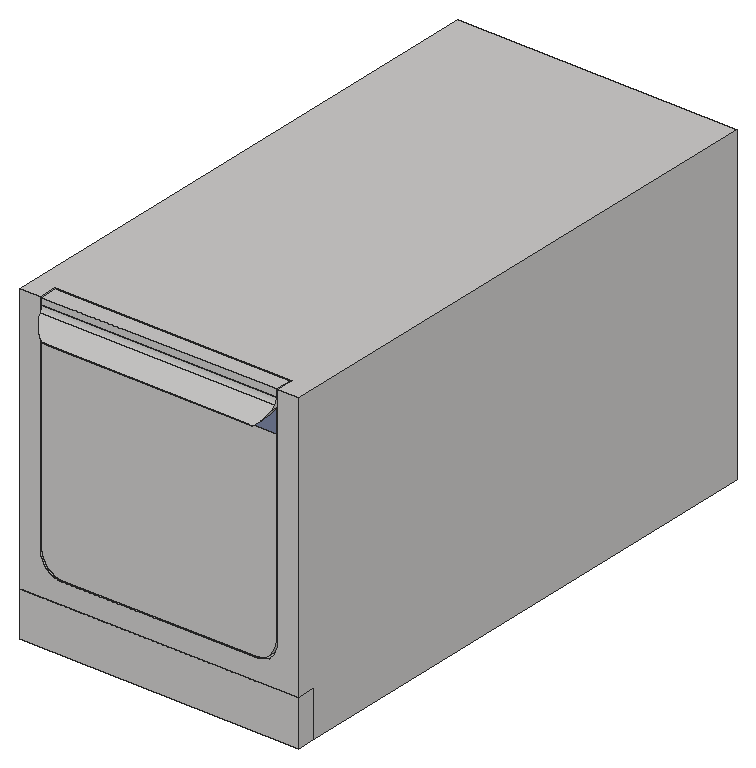
Revit family "QF_ELECTROLUXPROFESSIONAL_588580_MB1DCADOOO", category Specialty Equipment, Revit 2023
Family settings
  Round Connector Dimension = Use Diameter
  Part Type = Normal
  Work Plane-Based = No
  Enable Cutting in Views = No
  Always vertical = Yes
  Cut with Voids When Loaded = No
  Maintain Annotation Orientation = No
  Shared = No
  Room Calculation Point = No
Parameters (values of type "Standard")
  Weight = 21.00 kg
  Watts = 0 W
  Volts = 0 V
  URL Manufacturer = "http://www.electroluxprofessional.com"
  URL = "http://www.electroluxprofessional.com"
  Steam Supply Size = 0"
  Steam Supply Minimum Pressure = 0.00 psi
  Steam Supply Maximum Pressure = 0.00 psi
  Steam Consumption per Hour = 0
  Refrigeration Suction Line Size = 0 mm
  Refrigeration Liquid Line Size = 0 mm
  Refrigerant Compressor Remote = yes
  Default Elevation = 0 mm
  Phase = 0
  Model = "MB1DCADOOO"
  Manufacturer = "Electrolux Professional"
  Length Actual = 400 mm
  Item Number = "588580"
  Hot Water Size = 0"
  Height Actual = 450 mm
  HP = "0 HP"
  Gas Size = 0"
  Gas KW = 0
  Gas Input Pressure = 0.0 Btu/h
  Direct Waste Size = 0"
  Description = "CUPBOARD BASE,H2,GN,1D,1S,400X850X450H"
  Depth Actual = 850 mm
  Cycle = 0 Hz
  Condensate Return Size = 0"
  Compressed Air Volume = 0 GPM
  Compressed Air Size = 0"
  Compressed Air Pressure = 0.00 psi
  Cold Water Size = 0"
  Accessory = no
Reference planes
  plane 1 "BACK": y = 0
  plane 2: z = 0
  plane 3 "LEFT": x = 0
  plane 4 "RIGHT": x = 400
  plane 5 "FRONT": y = -850
  plane 6 "PLAIN": z = 900
  plane 7 "Center (Left/Right)": x = 200
  plane 8 "Center (Front/Back)": y = -425
  plane 9 "TOP": z = 650
  plane 10 "BASE": z = 200
  plane 11: x = 322
  plane 12: x = 78
  plane 13 "Feet_back": y = -150
  plane 14 "Feet_Front": y = -720
  plane 15: x = 0
  plane 16: x = 400
  plane 17: z = 265
  plane 18: y = -45
  plane 19: y = -805
  plane 20: y = -70
  plane 21: y = -830
  plane 22 "ButtonZ": z = 590
Forms (mm)
  Extrusion 1, solid, material "QF_Finishes_Stainless Steel"
    sketch origin (0, 0, 650) x (0, 1, 0) y (0, 0, 1)
      loop
        line (-45, -450) -> (-45, 0) -> (-805, 0) -> (-805, -450) -> (-45, -450)
    from 0 to 400
  Extrusion 2, solid, material "QF_Finishes_Stainless Steel"
    sketch origin (0, 0, 650) x (0, 1, 0) y (0, 0, 1)
      loop
        line (-830, -450) -> (-805, -450) -> (-805, -385) -> (-830, -385) -> (-830, -450)
    from 0 to 400
  Extrusion 3, void
    sketch origin (0, -850, 0) x (1, 0, 0) y (0, 0, 1)
      loop
        line (0, 650) -> (0, 265) -> (400, 265) -> (400, 650) -> (0, 650)
    from 0 to -780
  Extrusion 4, solid, material "QF_Finishes_Stainless Steel"
    sketch origin (0, -850, 0) x (1, 0, 0) y (0, 0, 1)
      loop
        line (30, 650) -> (30, 627) -> (370, 627) -> (370, 650) -> (30, 650)
    from -45 to -805
  Extrusion 5, solid, material "QF_Finishes_Stainless Steel"
    sketch origin (0, -850, 0) x (1, 0, 0) y (0, 0, 1)
      loop
        line (0, 650) -> (0, 265) -> (400, 265) -> (400, 650) -> (370, 650) -> (370, 325)
        arc (370, 325) -> (361.213, 303.787) -> (340, 295) r 30
        line (340, 295) -> (60, 295)
        arc (60, 295) -> (38.787, 303.787) -> (30, 325) r 30
        line (30, 325) -> (30, 650) -> (0, 650)
    from -20 to -780
Cuts and joins
  Extrusion 3 cuts Extrusion 1
  joined: Extrusion 1, Extrusion 4, Extrusion 5
Lines and regions (mm)
  symbolic lines, style "SpecialityEquipmentHiddenLines"
    curve 1: line (0, 0, 0) -> (400, 0, 0)
    curve 2: line (0, -850, 0) -> (0, 0, 0)
    curve 3: line (400, -850, 0) -> (0, -850, 0)
    curve 4: line (400, 0, 0) -> (400, -850, 0)
Dimensions and locks
  plane 3 "LEFT" to plane 4 "RIGHT" = 400 mm
  plane 5 "FRONT" to plane 1 "BACK" = 850 mm
  equal spacing: plane 3 "LEFT", plane 7 "Center (Left/Right)", plane 4 "RIGHT"
  equal spacing: plane 5 "FRONT", plane 8 "Center (Front/Back)", plane 1 "BACK"
  plane 6 "PLAIN" to plane 9 "TOP" = 250 mm
  plane 10 "BASE" to level = 200 mm
  plane 9 "TOP" to plane 10 "BASE" = 450 mm
  locked: plane 1 "BACK" to plane 13 "Feet_back" at 150
  locked: plane 14 "Feet_Front" to plane 5 "FRONT" at 130
  locked: plane 12 to plane 3 "LEFT" at 78
  locked: plane 11 to plane 4 "RIGHT" at 78
  plane 16 to plane 15 = 400 mm
  equal spacing: plane 16, plane 7 "Center (Left/Right)", plane 15
  locked: plane 17 to plane 10 "BASE" at 65
  locked: plane 1 "BACK" to plane 18 at 45
  plane 9 "TOP" to Extrusion 4 sketch curve = 23 mm
  locked: Extrusion 4 sketch curve to plane 15 at 30
  locked: plane 16 to Extrusion 4 sketch curve at 30
  locked: Extrusion 5 sketch curve to plane 17 at 30
  plane 6 "PLAIN" to level = 900 mm
  Extrusion 5 to Extrusion 5 = 340 mm
  locked: plane 18 to plane 20 at 25
  locked: plane 21 to plane 5 "FRONT" at 20
  locked: plane 19 to plane 21 at 25
  plane 18 to plane 21 = 785 mm
  plane 22 "ButtonZ" to level = 590 mm
  aligned and locked: level to plane 2
  aligned and locked: Extrusion 1 to plane 4 "RIGHT"
  aligned and locked: Extrusion 1 to plane 3 "LEFT"
  aligned and locked: Extrusion 2 to plane 4 "RIGHT"
  aligned and locked: plane 9 "TOP" to Extrusion 3 sketch curve
  aligned and locked: Extrusion 3 sketch curve to plane 15
  aligned and locked: plane 16 to Extrusion 3 sketch curve
  aligned and locked: Extrusion 2 to plane 10 "BASE"
  aligned and locked: Extrusion 2 to plane 17
  aligned and locked: plane 17 to Extrusion 3 sketch curve
  aligned and locked: Extrusion 4 to plane 18
  aligned and locked: Extrusion 5 sketch curve to plane 15
  aligned and locked: plane 16 to Extrusion 5 sketch curve
  aligned and locked: plane 9 "TOP" to Extrusion 5 sketch curve  (x2)
  aligned and locked: plane 17 to Extrusion 5 sketch curve
  aligned and locked: Extrusion 5 sketch curve to Extrusion 4  (x2)
  aligned and locked: cut or joined group of Extrusion 1, Extrusion 3, Extrusion 4, Extrusion 5 to Extrusion 4
  aligned and locked: plane 7 "Center (Left/Right)" to nested 1
  aligned and locked: Extrusion 5 to plane 20
  aligned and locked: cut or joined group of Extrusion 1, Extrusion 3, Extrusion 4, Extrusion 5 to plane 20
  aligned and locked: cut or joined group of Extrusion 1, Extrusion 3, Extrusion 4, Extrusion 5 to plane 18
  aligned and locked: plane 19 to Extrusion 4
  aligned and locked: plane 21 to Extrusion 5
  aligned and locked: Extrusion 2 to plane 19
  aligned and locked: plane 21 to Extrusion 2
Automatic sketch dimensions
  Extrusion 1 sketch curve to plane 10 "BASE" = 0 mm
  Extrusion 1 sketch curve to plane 9 "TOP" = 0 mm
  plane 1 "BACK" to Extrusion 1 sketch curve = 45 mm
  Extrusion 1 sketch curve to plane 5 "FRONT" = 45 mm
  Extrusion 2 sketch curve to plane 5 "FRONT" = 20 mm
  Extrusion 2 sketch curve to plane 9 "TOP" = 385 mm
  plane 10 "BASE" to Extrusion 2 sketch curve = 0 mm
  Extrusion 2 sketch curve to plane 5 "FRONT" = 45 mm
  Extrusion 4 sketch curve to plane 9 "TOP" = 0 mm
  Extrusion 5 sketch curve to Extrusion 5 sketch curve = 30 mm  (x2)
  curve 3 to plane 3 "LEFT" = 0 mm
  curve 3 to plane 4 "RIGHT" = 0 mm
  plane 5 "FRONT" to curve 3 = 0 mm
  plane 1 "BACK" to curve 2 = 0 mm
Nested families
  nested 1: "H450H2_1DOOR" at (163.958, -805, 200) x (1, 0, 0) z (0, -1, 0), type "H450H2_1DOOR"
    with Width 340 mm, Show Clearance yes
Definition of nested family "H450H2_1DOOR"
  Parameters
    Width [instance] = 340 mm
    Show Clearance [instance] = yes
    Model = "727995"
    Height = 450 mm
    Default Elevation = 0 mm
  Reference planes
    plane 1 "Center (Front/Back)": y = 0
    plane 2: z = 0
    plane 3 "Center (Left/Right)": x = 36.042
    plane 4 "panel": z = 25
    plane 5: x = -133.958
    plane 6: x = 206.042
    plane 7: y = 450
    plane 8: z = 340
    plane 9: z = 45
    plane 10: x = -108.958
  Forms (mm)
    Extrusion 1, solid
      sketch origin (0, -919.2, 0) x (1, 0, 0) y (0, 1, 0)
        loop
          line (-980.5, 2119.2) -> (-980.5, -162.846) -> (881.94, -162.846) -> (881.94, 2119.2) -> (-980.5, 2119.2)
      from 0 to -59.546
    Extrusion 2, solid
      sketch origin (0, 0, 0) x (1, 0, 0) y (0, 1, 0)
        loop
          arc (-131.958, 127) -> (-123.171, 105.787) -> (-101.958, 97) r 30
          line (-101.958, 97) -> (174.042, 97)
          arc (174.042, 97) -> (195.255, 105.787) -> (204.042, 127) r 30
          line (204.042, 127) -> (204.042, 393) -> (-131.958, 393) -> (-131.958, 127)
      from 0 to 25
    Extrusion 3, solid
      sketch origin (0, 0, 0) x (1, 0, 0) y (0, 1, 0)
        loop
          line (-131.958, 393) -> (204.042, 393) -> (204.042, 440) -> (-131.958, 440) -> (-131.958, 393)
      from 0 to 25
    Extrusion 4, solid
      sketch origin (36.042, 0, 0) x (0, 1, 0) y (0, 0, 1)
        loop
          line (426.693, 25) -> (440.02, 25)
          arc (440.02, 25) -> (435.261, 25.775) -> (430.993, 28.02) r 15
          line (430.993, 28.02) -> (406.653, 46.362) -> (403.644, 42.369) -> (426.693, 25)
      from -168 to 168
    Extrusion 5, void
      sketch origin (72.084, 0, 0) x (-1, 0, 0) y (0, -1, 0)
        loop
          line (204.042, -426.693) -> (204.042, -403.644) -> (180.317, -403.644)
          arc (180.317, -403.644) -> (194.508, -412.772) -> (204.042, -426.693) r 42.603
      from 25 to 47.9
    Extrusion 6, solid
      sketch origin (0, 0, 0) x (1, 0, 0) y (0, 1, 0)
        loop
          line (-131.958, 440) -> (204.042, 440) -> (204.042, 450) -> (-131.958, 450) -> (-131.958, 440)
      from 0 to 25
    Extrusion 7, void
      sketch origin (0, 0, 0) x (1, 0, 0) y (0, 1, 0)
        loop
          arc (204.042, 426.693) -> (194.508, 412.772) -> (180.317, 403.644) r 42.603
          line (180.317, 403.644) -> (204.042, 403.644) -> (204.042, 426.693)
      from 25 to 47.9
    Extrusion 8, solid, detail levels coarse
      sketch origin (0, 0, 0) x (1, 0, 0) y (0, 0, 1)
        loop
          line (-133.958, 340) -> (-133.958, 25) -> (206.042, 25)
          arc (206.042, 25) -> (107.107, 241.065) -> (-108.958, 340) r 340.918
          line (-108.958, 340) -> (-133.958, 340)
      from -450 to -97
  Cuts and joins
    Extrusion 5, Extrusion 7 cuts Extrusion 4
    Extrusion 7 cuts Extrusion 3
  Lines and regions (mm)
    symbolic lines
      curve 1: line (-133.958, 0, 340) -> (-133.958, 0, 45)
      curve 2: arc (203.986, 0, 44.931) -> (99.919, 0, 248.045) -> (-108.958, 0, 340) r 340.918
      curve 3: line (-108.958, 0, 45) -> (-108.958, 0, 340)
      curve 4: line (-108.958, 0, 340) -> (-133.958, 0, 340)
  Dimensions and locks
    plane 4 "panel" to level = 25 mm
    "Width": plane 5 to plane 6
    equal spacing: plane 5, plane 3 "Center (Left/Right)", plane 6
    "Height": plane 1 "Center (Front/Back)" to plane 7
    locked: plane 5 to Extrusion 2 sketch curve at 2
    locked: plane 1 "Center (Front/Back)" to Extrusion 2 sketch curve at 97
    locked: plane 7 to Extrusion 2 sketch curve at 57
    Extrusion 3 sketch curve to Extrusion 2 = 47 mm
    locked: Extrusion 2 sketch curve to plane 6 at 2
    "Width": Extrusion 1 to plane 8
    locked: plane 10 to plane 5 at 25
    aligned and locked: plane 2 to Extrusion 1
    aligned and locked: level to Extrusion 1
    aligned and locked: plane 4 "panel" to Extrusion 2
    aligned and locked: plane 4 "panel" to Extrusion 3
    aligned and locked: Extrusion 4 to Extrusion 3
    aligned and locked: Extrusion 3 to Extrusion 4
    aligned and locked: Extrusion 3 to Extrusion 2
    aligned and locked: cut or joined group of Extrusion 4, Extrusion 5, Extrusion 7 to plane 4 "panel"
    aligned and locked: plane 7 to Extrusion 6 sketch curve
    aligned and locked: plane 4 "panel" to Extrusion 6
    aligned and locked: Extrusion 2 to Extrusion 6
    aligned and locked: Extrusion 7 sketch curve to Extrusion 2
    aligned and locked: Extrusion 2 to cut or joined group of Extrusion 4, Extrusion 5, Extrusion 7
    aligned and locked: plane 5 to Extrusion 8 sketch curve
    aligned and locked: plane 4 "panel" to Extrusion 8 sketch curve
    aligned and locked: plane 7 to Extrusion 8
    aligned and locked: Extrusion 2 to Extrusion 8
  Automatic sketch dimensions
    Extrusion 1 sketch curve to Extrusion 1 sketch curve = 1862.44 mm
    Extrusion 1 sketch curve to Extrusion 1 sketch curve = 2282.046 mm
    Extrusion 2 sketch curve to Extrusion 2 sketch curve = 30 mm  (x2)
    plane 5 to Extrusion 3 sketch curve = 2 mm
    Extrusion 3 sketch curve to plane 6 = 2 mm
    Extrusion 3 sketch curve to Extrusion 3 sketch curve = 47 mm
    Extrusion 4 sketch curve to plane 4 "panel" = 0 mm
    plane 4 "panel" to Extrusion 4 sketch curve = 17.369 mm
    Extrusion 4 sketch curve to plane 7 = 46.356 mm
    plane 4 "panel" to Extrusion 4 sketch curve = 21.362 mm
    Extrusion 4 sketch curve to Extrusion 4 sketch curve = 3.009 mm
    plane 4 "panel" to Extrusion 4 sketch curve = 3.02 mm
    Extrusion 4 sketch curve to Extrusion 4 sketch curve = 9.027 mm
    plane 7 to Extrusion 5 sketch curve = 6.671 mm
    Extrusion 5 sketch curve to plane 5 = 41.221 mm
    Extrusion 5 sketch curve to plane 5 = 25.725 mm
    Extrusion 5 sketch curve to plane 5 = 2 mm
    plane 7 to Extrusion 5 sketch curve = 23.307 mm
    plane 5 to Extrusion 6 sketch curve = 2 mm
    Extrusion 6 sketch curve to plane 6 = 2 mm
    Extrusion 6 sketch curve to plane 7 = 10 mm
    Extrusion 7 sketch curve to Extrusion 7 sketch curve = 23.725 mm
    Extrusion 7 sketch curve to plane 7 = 6.671 mm
    Extrusion 7 sketch curve to plane 6 = 41.221 mm
    Extrusion 7 sketch curve to plane 7 = 23.307 mm
    curve 4 to plane 5 = 0 mm
    curve 3 to plane 8 = 0 mm
    plane 10 to curve 4 = 0 mm
    curve 2 to level = 0 mm
    curve 1 to plane 9 = 0 mm
    curve 3 to plane 9 = 0 mm
    curve 2 to plane 9 = 0.069 mm
    curve 2 to plane 5 = 0 mm
    Extrusion 8 sketch curve to level = 0 mm
    Extrusion 8 sketch curve to plane 5 = 0 mm
    Extrusion 8 sketch curve to plane 8 = 0 mm
    Extrusion 8 sketch curve to plane 6 = 0 mm
